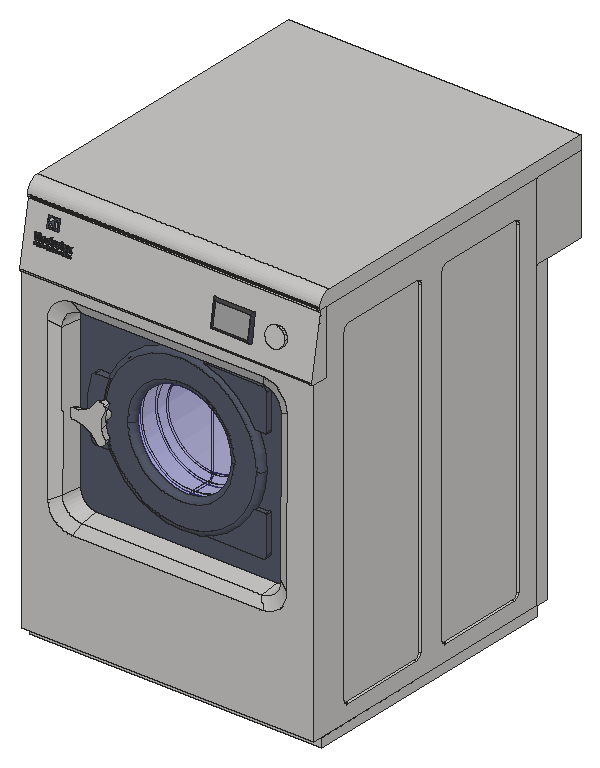
Revit family "QF_ELECTROLUXPROFESSIONAL_1LSN2C_WH6-6_E", category Attrezzature speciali, Revit 2021 (continued)
Types (140, lengths in mm): name | Watts | Volts | Phase | Item Number | Descrizione | Cycle | Corrente
  9863430134 | 2400 W | 400 V | 3 | "1LA09G" | "WASHER EXTRACTOR WH6-6 6KG/13LB EL 4,4KW 380-400/220-230/50/3N/1N COMPASS PRO 6A01 2.I/O 2xWATER POWDER+5xLIQ. VALV...." | 50 Hz | "11.0"
  9863430144 | 500 W | 240 V | 1 | "1LA218" | "WASHER EXTRACTOR WH6-6 6KG/13LB NO HEAT 220-240/50/1N COMPASS PRO 6L01 2.I/O 2xWATER POWDER+5xLIQ. VALV.OPEN SLVR/SL..." | 50 Hz | "4.0"
  9863430114 | 4200 W | 440 V | 3 | "1LSNGZ" | "WASHER EXTRACTOR WH6-6 MARINE 6KG/13LB EL 4KW 440/60/3 COMPASS PRO 6G27 2.I/O 2xWATER POWDER+5xLIQ. PUMP SLVR/SLVR T..." | 60 Hz | "9.9"
  9863430124 | 3500 W | 400 V | 3 | "1LSNR7" | "WASHER EXTRACTOR WH6-6 MARINE 6KG/13LB EL 3,3KW 380-400/60/3 COMPASS PRO 6G07 2.I/O 2xWATER POWDER+5xLIQ. EL.VALV.OP..." | 60 Hz | "9.1"
  9863430174 | 2400 W | 400 V | 3 | "1LSPDZ" | "WASHER EXTRACTOR WH6-6 6KG/13LB EL 4,4KW 380-400/220-230/50/3N/1N COMPASS PRO 6M26 2.I/O 2xWATER POWDER+5xLIQ. PUMP ..." | 50 Hz | "11.0"
  9863430160 | 3500 W | 400 V | 3 | "1L0GD0" | "WASHER EXTRACTOR WH6-6 6KG/13LB EL 3,3KW 380-400/60/3 COMPASS PRO 6G01 2xWATER POWDER VALV.OPEN SLVR/SLVR TRAFO" | 60 Hz | "9.1"
  9863430140 | 2400 W | 400 V | 3 | "1LA216" | "WASHER EXTRACTOR WH6-6 6KG/13LB EL 4,4KW 380-400/220-230/50/3N/1N COMPASS PRO 6G25 2xWATER POWDER PUMP SLVR/SLVR" | 50 Hz | "11.0"
  9863430221 | 2400 W | 400 V | 3 | "1LT6BB" | "Model: WH6-6 TYPE FAMILY W555H17 EL 4,4KW 380-400/220-230/50/3N/1N COMPASS PRO 6G25 CH-EN ML 2xWATER" | 50 Hz | "11.0"
  9863430201 | 4200 W | 440 V | 3 | "1L0GZ0" | "WASHER EXTRACTOR WH6-6 MARINE 6KG/13LB EL 4KW 440/60/3 COMPASS PRO 6G07 2.I/O 2xWATER POWDER+5xLIQ. VALV.OPEN SST/SL..." | 60 Hz | "9.9"
  9863430110 | 2400 W | 400 V | 3 | "1L0EPX" | "WASHER EXTRACTOR WH6-6 6KG/13LB EL 4,4KW 380-400/220-230/50/3N/1N COMPASS PRO 6C01 2.I/O 2xWATER POWDER+5xLIQ. VALV...." | 50 Hz | "11.0"
  9863430089 | 3500 W | 400 V | 3 | "1LSN8K" | "WASHER EXTRACTOR WH6-6 MARINE 6KG/13LB EL 3,3KW 380-400/60/3 COMPASS PRO 6G27 2xWATER POWDER PUMP SLVR/SLVR TRAFO" | 60 Hz | "9.1"
  9863430099 | 2400 W | 230 V | 1 | "1LSNBV" | "WASHER EXTRACTOR WH6-6 MARINE 6KG/13LB EL 2,2KW 220-230/60/1N COMPASS PRO 6G27 2xWATER POWDER PUMP SLVR/SLVR" | 60 Hz | "11.1"
  9863430069 | 2400 W | 230 V | 1 | "1LSN4H" | "WASHER EXTRACTOR WH6-6 MARINE 6KG/13LB EL 2,2KW 220-230/60/1N COMPASS PRO 6G07 2.I/O 2xWATER POWDER+5xLIQ. VALV.OPEN..." | 60 Hz | "11.1"
  9863430079 | 3000 W | 240 V | 1 | "1LSN6V" | "WASHER EXTRACTOR WH6-6 6KG/13LB EL 2,8KW 208-240/60/1 COMPASS PRO 6G25 2.I/O 2xWATER POWDER+5xLIQ. PUMP SLVR/SLVR" | 60 Hz | "13.2"
  9863430059 | 2400 W | 400 V | 3 | "1L0EJ6" | "WASHER EXTRACTOR WH6-6 6KG/13LB EL 4,4KW 380-400/220-230/50/3N/1N COMPASS PRO 6G25 2xWATER POWDER PUMP SLVR/SLVR INS." | 50 Hz | "11.0"
  9863430019 | 2400 W | 230 V | 1 | "1L0ECR" | "WASHER EXTRACTOR WH6-6 6KG/13LB EL 2,2KW 220-230/50/1N COMPASS PRO 6M14 2.I/O 2xWATER POWDER+5xLIQ. QC EL.VALV.OPEN ..." | 50 Hz | "11.1"
  9863430188 | 4200 W | 440 V | 3 | "1L0GTD" | "WASHER EXTRACTOR WH6-6 MARINE 6KG/13LB EL 4KW 440/60/3 COMPASS PRO 6G07 2.I/O 2xWATER POWDER+5xLIQ. QC VALV.OPEN SLV..." | 60 Hz | "9.9"
  9863430198 | 500 W | 240 V | 1 | "1LSPJL" | "WASHER EXTRACTOR WH6-6 6KG/13LB NO HEAT 220-240/50/1N COMPASS PRO 6L25 2.I/O 2xWATER POWDER+5xLIQ. PUMP SLVR/SLVR EX..." | 50 Hz | "4.0"
  9863430168 | 500 W | 240 V | 1 | "1L0GF3" | "WASHER EXTRACTOR WH6-6 6KG/13LB NO HEAT 220-240/60/1N COMPASS PRO 6G25 2.I/O 2xWATER POWDER+5xLIQ. QC PUMP SST/SLVR" | 60 Hz | "4.0"
  9863430148 | 2400 W | 400 V | 3 | "1LA21B" | "WASHER EXTRACTOR WH6-6 6KG/13LB EL 4,4KW 380-400/220-230/50/3N/1N COMPASS PRO 6R01 2.I/O 2xWATER POWDER+5xLIQ. EL.VA..." | 50 Hz | "11.0"
  9863430158 | 2400 W | 400 V | 3 | "1LSPG5" | "WASHER EXTRACTOR WH6-6 6KG/13LB EL 4,4KW 380-400/220-230/50/3N/1N COMPASS PRO 6M27 2.I/O 2xWATER POWDER+5xLIQ. PUMP ..." | 50 Hz | "11.0"
  9863430209 | 3500 W | 400 V | 3 | "1L0HBS" | "WASHER EXTRACTOR WH6-6 MARINE 6KG/13LB EL 3,3KW 380-400/50/3 COMPASS PRO 6G27 2.I/O 2xWATER POWDER+5xLIQ. PUMP SLVR/..." | 50 Hz | "9.1"
  9863430128 | 3500 W | 400 V | 3 | "1LSNVW" | "WASHER EXTRACTOR WH6-6 MARINE 6KG/13LB EL 3,3KW 380-400/50/3 COMPASS PRO 6G27 2.I/O 2xWATER POWDER+5xLIQ. PUMP SLVR/..." | 50 Hz | "9.1"
  9863430118 | 2400 W | 400 V | 3 | "1L0FW7" | "WASHER EXTRACTOR WH6-6 MARINE 6KG/13LB EL 4,4KW 380-400/220-230/60/3N/1N COMPASS PRO 6G27 2.I/O 2xWATER POWDER+5xLIQ..." | 60 Hz | "11.0"
  9863430219 | 500 W | 240 V | 1 | "1LT674" | "WASHER EXTRACTOR WH6-6 6KG/13LB NO HEAT 220-240/50/1N COMPASS PRO 6L25 2.I/O 2xWATER POWDER PUMP SLVR/SLVR EXT.PM." | 50 Hz | "4.0"
  9863430205 | 2400 W | 230 V | 1 | "1LSPS2" | "WASHER EXTRACTOR WH6-6 6KG/13LB EL 2,2KW 220-230/50/1N COMPASS PRO 6G25 2.I/O 2xWATER POWDER+5xLIQ. PUMP SLVR/SLVR" | 50 Hz | "11.1"
  9863430086 | 500 W | 240 V | 1 | "1L0EKA" | "WASHER EXTRACTOR WH6-6 6KG/13LB NO HEAT 208-240/60/1 COMPASS PRO 6L01 2.I/O 2xWATER POWDER+5xLIQ. VALV.OPEN SLVR/SLVR" | 60 Hz | "4.0"
  9863430076 | 2400 W | 400 V | 3 | "1LSN5T" | "WASHER EXTRACTOR WH6-6 6KG/13LB EL 4,4KW 380-400/220-230/50/3N/1N COMPASS PRO 6M14 2.I/O 2xWATER POWDER+5xLIQ. EL.VA..." | 50 Hz | "11.0"
  9863430046 | 2400 W | 400 V | 3 | "1L80DJ" | "WASHER EXTRACTOR WH6-6 6KG/13LB EL 4,4KW 380-400/220-230/50/3N/1N COMPASS PRO 6A01 2.I/O 2xWATER POWDER+5xLIQ. VALV...." | 50 Hz | "11.0"
  9863430036 | 2400 W | 400 V | 3 | "1L0ED7" | "WASHER EXTRACTOR WH6-6 6KG/13LB EL 4,4KW 380-400/220-230/50/3N/1N COMPASS PRO 6M16 2.I/O 2xWATER POWDER+5xLIQ. EL.VA..." | 50 Hz | "11.0"
  9863430206 | 4600 W | 230 V | 3 | "1LSPS7" | "WASHER EXTRACTOR WH6-6 MARINE 6KG/13LB EL 4,4KW 220-230/60/3 COMPASS PRO 6G27 2.I/O 2xWATER POWDER+5xLIQ. PUMP SLVR/..." | 60 Hz | "16.6"
  9863430216 | 3500 W | 400 V | 3 | "1LT664" | "WASHER EXTRACTOR WH6-6 MARINE 6KG/13LB EL 3,3KW 380-400/50/3 COMPASS PRO 6G27 2.I/O 2xWATER POWDER+5xLIQ. PUMP SST/S..." | 50 Hz | "9.1"
  9863430082 | 3500 W | 400 V | 3 | "1L0EK2" | "WASHER EXTRACTOR WH6-6 MARINE 6KG/13LB EL 3,3KW 380-400/50/3 COMPASS PRO 6G27 2.I/O 2xWATER POWDER+5xLIQ. PUMP SLVR/..." | 50 Hz | "9.1"
  9863430092 | 4600 W | 415 V | 3 | "1L0ELL" | "WASHER EXTRACTOR WH6-6 MARINE 6KG/13LB EL 4,4KW 415/60/3N COMPASS PRO 6G27 2xWATER POWDER PUMP SLVR/SLVR" | 60 Hz | "9.2"
  9863430062 | 4600 W | 230 V | 3 | "1L80GC" | "WASHER EXTRACTOR WH6-6 MARINE 6KG/13LB EL 4,4KW 220-230/60/3 COMPASS PRO 6G27 2xWATER POWDER PUMP SLVR/SLVR" | 60 Hz | "16.6"
  9863430072 | 3500 W | 400 V | 3 | "1L0EL4" | "WASHER EXTRACTOR WH6-6 6KG/13LB EL 3,3KW 380-400/60/3 COMPASS PRO 6G25 2.I/O 2xWATER POWDER+5xLIQ. PUMP SLVR/SLVR TRAFO" | 60 Hz | "9.1"
  9863430187 | 2400 W | 400 V | 3 | "1L0GTC" | "WASHER EXTRACTOR WH6-6 6KG/13LB EL 4,4KW 380-400/220-230/50/3N/1N COMPASS PRO 6G25 2.I/O 2xWATER POWDER+5xLIQ. PUMP ..." | 50 Hz | "11.0"
  9863430052 | 2400 W | 400 V | 3 | "1L80FM" | "WASHER EXTRACTOR WH6-6 6KG/13LB EL 4,4KW 380-400/220-230/50/3N/1N COMPASS PRO 6C01 2.I/O 2xWATER POWDER+5xLIQ. VALV...." | 50 Hz | "11.0"
  9863430167 | 2400 W | 400 V | 3 | "1L0GE7" | "WASHER EXTRACTOR WH6-6 MARINE 6KG/13LB EL 4,4KW 380-400/220-230/60/3N/1N COMPASS PRO 6L28 2.I/O 2xWATER POWDER+5xLIQ..." | 60 Hz | "11.0"
  9863430022 | 2400 W | 400 V | 3 | "1L0ECU" | "WASHER EXTRACTOR WH6-6 6KG/13LB EL 4,4KW 380-400/220-230/50/3N/1N COMPASS PRO 6H12 2xWATER POWDER+ED QC VALV.OPEN SL..." | 50 Hz | "11.0"
  9863430147 | 500 W | 240 V | 1 | "1LA1D2" | "WASHER EXTRACTOR WH6-6 6KG/13LB NO HEAT 220-240/50/1N COMPASS PRO 6L01 2.I/O 2xWATER POWDER VALV.OPEN SLVR/SLVR EXT.PM." | 50 Hz | "4.0"
  9863430157 | 2400 W | 400 V | 3 | "1L0GEZ" | "WASHER EXTRACTOR WH6-6 6KG/13LB EL 4,4KW 380-400/220-230/50/3N/1N COMPASS PRO 6M17 2.I/O 2xWATER POWDER+5xLIQ. EL.VA..." | 50 Hz | "11.0"
  9863430202 | 500 W | 240 V | 1 | "1L0GZF" | "WASHER EXTRACTOR WH6-6 6KG/13LB NO HEAT 220-240/50/1N COMPASS PRO 6G25 2xWATER POWDER PUMP SLVR/SLVR" | 50 Hz | "4.0"
  9863430127 | 3500 W | 400 V | 3 | "1L0FZ0" | "WASHER EXTRACTOR WH6-6 6KG/13LB EL 3,3KW 380-400/50/3 COMPASS PRO 6M14 2.I/O 2xWATER POWDER+5xLIQ. EL.VALV.CLOSED SL..." | 50 Hz | "9.1"
  9863430012 | 2400 W | 400 V | 3 | "1L0ECJ" | "WASHER EXTRACTOR WH6-6 6KG/13LB EL 4,4KW 380-400/220-230/50/3N/1N COMPASS PRO 6G01 2.I/O 2xWATER POWDER+5xLIQ. VALV...." | 50 Hz | "11.0"
  9863430117 | 2400 W | 400 V | 3 | "1L0FW6" | "WASHER EXTRACTOR WH6-6 6KG/13LB EL 4,4KW 380-400/220-230/50/3N/1N COMPASS PRO 6A01 2.I/O 2xWATER POWDER+5xLIQ. VALV...." | 50 Hz | "11.0"
  9863430177 | 500 W | 240 V | 1 | "1LD05J" | "WASHER EXTRACTOR WH6-6 6KG/13LB NO HEAT 208-240/60/1 COMPASS PRO 6G25 2xWATER POWDER PUMP SLVR/SLVR" | 60 Hz | "4.0"
  9863430197 | 3500 W | 400 V | 3 | "1LSPHU" | "WASHER EXTRACTOR WH6-6 6KG/13LB EL 3,3KW 380-400/220-230/50/3N/1N COMPASS PRO 6M27 2.I/O 2xWATER POWDER+5xLIQ. PUMP ..." | 50 Hz | "15.8"
  9863430222 | 2400 W | 400 V | 3 | "1LT6BC" | "Model: WH6-6 TYPE FAMILY W555H17 EL 4,4KW 380-400/220-230/50/3N/1N COMPASS PRO 6G01 CH-EN ML 2xWATER" | 50 Hz | "11.0"
  9863430087 | 2400 W | 230 V | 1 | "1L0EL5" | "WASHER EXTRACTOR WH6-6 MARINE 6KG/13LB EL 2,2KW 220-230/60/1N COMPASS PRO 6G27 2xWATER POWDER PUMP SLVR/SLVR" | 60 Hz | "11.1"
  9863430097 | 2400 W | 400 V | 3 | "1LSNAY" | "WASHER EXTRACTOR WH6-6 6KG/13LB EL 4,4KW 380-400/220-230/50/3N/1N COMPASS PRO 6H01 2xWATER POWDER+ED QC PUMP SLVR/SLVR" | 50 Hz | "11.0"
  9863430077 | 2400 W | 400 V | 3 | "1LSN66" | "WASHER EXTRACTOR WH6-6 6KG/13LB EL 4,4KW 380-400/220-230/50/3N/1N COMPASS PRO 6A25 2.I/O 2xWATER POWDER+5xLIQ. PUMP ..." | 50 Hz | "11.0"
  9863430057 | 2400 W | 230 V | 1 | "1L80G6" | "WASHER EXTRACTOR WH6-6 MARINE 6KG/13LB EL 2,2KW 220-230/50/1N COMPASS PRO 6G07 2xWATER POWDER VALV.OPEN SLVR/SLVR" | 50 Hz | "11.1"
  9863430027 | 4600 W | 230 V | 3 | "1L0ECZ" | "WASHER EXTRACTOR WH6-6 6KG/13LB EL 4,4KW 220-230/60/3 COMPASS PRO 6G01 2xWATER POWDER VALV.OPEN SLVR/SLVR" | 60 Hz | "16.6"
  9863430037 | 2400 W | 400 V | 3 | "1L0ED8" | "WASHER EXTRACTOR WH6-6 6KG/13LB EL 4,4KW 380-400/220-230/50/3N/1N COMPASS PRO 6M26 2.I/O 2xWATER POWDER+5xLIQ. PUMP ..." | 50 Hz | "11.0"
